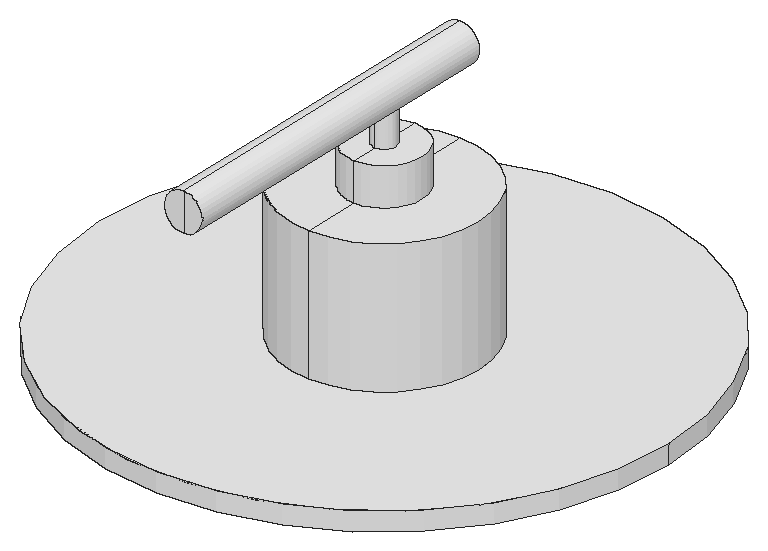
Revit family "Shower_System_Valve-Symmons-Dia-Shower-Trim", category Plumbing Fixtures, host Face, Revit 2015
Parameters (values of type "Trim, Chrome")
  z VC Visibility = if(z Error, 1 = 0, if(z Has Volume Control, 1 = 1, 1 = 0))  # no
  z VC Type = if(z Has Volume Control, 1, 0)  # 0
  z Type Wide Lever = if(z Has Wide Lever Handle, 1, 0)  # 0
  z Type Trim = 1
  z Type Service Stop = if(z Has Integral Service Stops, 1, 0)  # 0
  z Type Reverse Core = if(z Has Reverse Core, 1, 0)  # 0
  z Type Model = if(and(z Has Volume Control, z Has Symmons Temptrol Mixing Valve Only), 8, if(and(z Has Volume Control, z Has Trim Only), 6, if(and(z Has Volume Control, z Has Rebuild Kit Trim Only), 7, if(z Has Symmons Temptrol Mixing Valve Only, 4, if(z Has Volume Control, 5, if(z Has Trim Only, 2, if(z Has Rebuild Kit Trim Only, 3, 1)))))))  # 2
  z Type Kit = 0
  z Type IPS Connection = if(z Has .5 Inch Female IPS Connections, 1, 0)  # 0
  z Type Finish = 1
  z Type Check Stops = if(z Has Check Stops, 1, 0)  # 0
  z Type All = (z Type Model * 1000000) + (z Type IPS Connection * 100000) + (z Type Service Stop * 10000) + (z Type Check Stops * 1000) + (z Type Reverse Core * 100) + (z Type Wide Lever * 10) + (z Type Finish * 1)  # 2000001
  z Trim Visibility = if(z Error, 1 = 0, if(z Has Symmons Temptrol Mixing Valve Only, 1 = 0, 1 = 1))  # yes
  z Pipe Radius [instance] = 0.250"  # constant formula
  z Overall Width [instance] = 7.500"  # constant formula
  z Overall Height [instance] = 7.500"  # constant formula
  z Overall Depth [instance] = 6.875"  # constant formula
  z Option Selection = if(and(z Error, z Error Type > 1, z Has Trim Only, z Has Symmons Temptrol Mixing Valve Only), "Error: Trim Only Not Available With Symmons Temptrol Mixing Valve Only", if(and(z Error, z Error Type > 1, z Has Rebuild Kit Trim Only, z Has Symmons Temptrol Mixing Valve Only), "Error: Rebuild Kit Trim Only Not Available With Symmons Temptrol Mixing Valve Only", if(and(z Error, z Error Type > 1, z Has Trim Only, z Has Rebuild Kit Trim Only), "Error: Trim Only Not Available With Rebuild Kit Trim Only", if(and(z Error, z Has Wide Lever Handle, z Has Symmons Temptrol Mixing Valve Only), "Error: Wide Lever Handle Not Available With Symmons Temptrol Mixing Valve Only", if(and(z Has Wide Lever Handle, z Has Trim Only), "Wide Lever Handle, Trim Only", if(and(z Has Wide Lever Handle, z Has Rebuild Kit Trim Only), "Wide Lever Handle, Rebuild Kit Trim Only", if(z Has Wide Lever Handle, "Wide Lever Handle", if(z Has Trim Only, "Trim Only", if(z Has Rebuild Kit Trim Only, "Rebuild Kit Trim Only", "None Selected")))))))))  # "Trim Only"
  z Offset [instance] = 3.500"  # constant formula
  z Modification Selection = if(and(z Has Volume Control, z Has .5 Inch Female IPS Connections, z Has Integral Service Stops), "Error: .5 Inch Female IPS Connection Not Available With Integral Service Stops", if(and(z Has Reverse Core, not(z Has Integral Service Stops)), "Error: Must Have Integral Service Stops For Reverse Core", if(and(z Has Check Stops, not(z Has Integral Service Stops)), "Error: Must Have Integral Service Stops For Check Stops", if(and(z VC Type = 1, z Type Reverse Core = 0, z Type Service Stop = 0, z Type Check Stops = 0, z Type IPS Connection = 0), "Volume Control", if(and(z VC Type = 0, z Type Reverse Core = 0, z Type Service Stop = 0, z Type Check Stops = 0, z Type IPS Connection = 0), "None Selected", if(and(z VC Type = 1, z Type Reverse Core = 1, z Type Service Stop = 0, z Type Check Stops = 0, z Type IPS Connection = 0), "Volume Control,Reverse Core", if(and(z VC Type = 0, z Type Reverse Core = 1, z Type Service Stop = 0, z Type Check Stops = 0, z Type IPS Connection = 0), "Reverse Core", if(and(z VC Type = 1, z Type Reverse Core = 0, z Type Service Stop = 1, z Type Check Stops = 0, z Type IPS Connection = 0), "Volume Control,Integral Service Stops", if(and(z VC Type = 0, z Type Reverse Core = 0, z Type Service Stop = 1, z Type Check Stops = 0, z Type IPS Connection = 0), "Integral Service Stops", if(and(z VC Type = 1, z Type Reverse Core = 1, z Type Service Stop = 1, z Type Check Stops = 0, z Type IPS Connection = 0), "Volume Control,Reverse Core,Integral Service Stops", if(and(z VC Type = 0, z Type Reverse Core = 1, z Type Service Stop = 1, z Type Check Stops = 0, z Type IPS Connection = 0), "Reverse Core,Integral Service Stops", if(and(z VC Type = 1, z Type Reverse Core = 0, z Type Service Stop = 0, z Type Check Stops = 1, z Type IPS Connection = 0), "Volume ControlCheck Stops", if(and(z VC Type = 0, z Type Reverse Core = 0, z Type Service Stop = 0, z Type Check Stops = 1, z Type IPS Connection = 0), "Check Stops", if(and(z VC Type = 1, z Type Reverse Core = 1, z Type Service Stop = 0, z Type Check Stops = 1, z Type IPS Connection = 0), "Volume Control,Reverse Core,Check Stops", if(and(z VC Type = 0, z Type Reverse Core = 1, z Type Service Stop = 0, z Type Check Stops = 1, z Type IPS Connection = 0), "Reverse Core,Check Stops", if(and(z VC Type = 1, z Type Reverse Core = 0, z Type Service Stop = 1, z Type Check Stops = 1, z Type IPS Connection = 0), "Volume Control,Integral Service Stops,Check Stops", if(and(z VC Type = 0, z Type Reverse Core = 0, z Type Service Stop = 1, z Type Check Stops = 1, z Type IPS Connection = 0), "Integral Service Stops,Check Stops", if(and(z VC Type = 1, z Type Reverse Core = 1, z Type Service Stop = 1, z Type Check Stops = 1, z Type IPS Connection = 0), "Volume Control,Reverse Core,Integral Service Stops,Check Stops", if(and(z VC Type = 0, z Type Reverse Core = 1, z Type Service Stop = 1, z Type Check Stops = 1, z Type IPS Connection = 0), "Reverse Core,Integral Service Stops,Check Stops", if(and(z VC Type = 1, z Type Reverse Core = 0, z Type Service Stop = 0, z Type Check Stops = 0, z Type IPS Connection = 1), "Volume Control,.5 Inch IPS Connection", if(and(z VC Type = 0, z Type Reverse Core = 0, z Type Service Stop = 0, z Type Check Stops = 0, z Type IPS Connection = 1), ".5 Inch IPS Connection", if(and(z VC Type = 1, z Type Reverse Core = 1, z Type Service Stop = 0, z Type Check Stops = 0, z Type IPS Connection = 1), "Volume Control,Reverse Core,.5 Inch IPS Connection", if(and(z VC Type = 0, z Type Reverse Core = 1, z Type Service Stop = 0, z Type Check Stops = 0, z Type IPS Connection = 1), "Reverse Core,.5 Inch IPS Connection", if(and(z VC Type = 1, z Type Reverse Core = 0, z Type Service Stop = 1, z Type Check Stops = 0, z Type IPS Connection = 1), "Volume Control,Integral Service Stops,.5 Inch IPS Connection", if(and(z VC Type = 0, z Type Reverse Core = 0, z Type Service Stop = 1, z Type Check Stops = 0, z Type IPS Connection = 1), "Integral Service Stops,.5 Inch IPS Connection", if(and(z VC Type = 1, z Type Reverse Core = 1, z Type Service Stop = 1, z Type Check Stops = 0, z Type IPS Connection = 1), "Volume Control,Reverse Core,Integral Service Stops,.5 Inch IPS Connection", if(and(z VC Type = 0, z Type Reverse Core = 1, z Type Service Stop = 1, z Type Check Stops = 0, z Type IPS Connection = 1), "Reverse Core,Integral Service Stops,.5 Inch IPS Connection", if(and(z VC Type = 1, z Type Reverse Core = 0, z Type Service Stop = 0, z Type Check Stops = 1, z Type IPS Connection = 1), "Volume Control,Check Stops,.5 Inch IPS Connection", if(and(z VC Type = 0, z Type Reverse Core = 0, z Type Service Stop = 0, z Type Check Stops = 1, z Type IPS Connection = 1), "Check Stops,.5 Inch IPS Connection", if(and(z VC Type = 1, z Type Reverse Core = 1, z Type Service Stop = 0, z Type Check Stops = 1, z Type IPS Connection = 1), "Volume Control,Reverse Core,Check Stops,.5 Inch IPS Connection", if(and(z VC Type = 0, z Type Reverse Core = 1, z Type Service Stop = 0, z Type Check Stops = 1, z Type IPS Connection = 1), "Reverse Core,Check Stops,.5 Inch IPS Connection", if(and(z VC Type = 1, z Type Reverse Core = 0, z Type Service Stop = 1, z Type Check Stops = 1, z Type IPS Connection = 1), "Volume Control,Integral Service Stops,Check Stops,.5 Inch IPS Connection", if(and(z VC Type = 0, z Type Reverse Core = 0, z Type Service Stop = 1, z Type Check Stops = 1, z Type IPS Connection = 1), "Integral Service Stops,Check Stops,.5 Inch IPS Connection", if(and(z VC Type = 1, z Type Reverse Core = 1, z Type Service Stop = 1, z Type Check Stops = 1, z Type IPS Connection = 1), "Volume Control,Reverse Core,Integral Service Stops,Check Stops,.5 Inch IPS Connection", if(and(z VC Type = 0, z Type Reverse Core = 1, z Type Service Stop = 1, z Type Check Stops = 1, z Type IPS Connection = 1), "Reverse Core,Integral Service Stops,Check Stops,.5 Inch IPS Connection", if(and(z VC Type = 1, z Type Reverse Core = 0, z Type Service Stop = 0, z Type Check Stops = 0, z Type IPS Connection = 0), "Volume Control", if(and(z VC Type = 0, z Type Reverse Core = 0, z Type Service Stop = 0, z Type Check Stops = 0, z Type IPS Connection = 0), "None Selected", if(and(z VC Type = 1, z Type Reverse Core = 1, z Type Service Stop = 0, z Type Check Stops = 0, z Type IPS Connection = 0), "Volume Control,Reverse Core,", if(and(z VC Type = 0, z Type Reverse Core = 1, z Type Service Stop = 0, z Type Check Stops = 0, z Type IPS Connection = 0), "Reverse Core,", if(and(z VC Type = 1, z Type Reverse Core = 0, z Type Service Stop = 1, z Type Check Stops = 0, z Type IPS Connection = 0), "Volume Control,,Integral Service Stops,", if(and(z VC Type = 0, z Type Reverse Core = 0, z Type Service Stop = 1, z Type Check Stops = 0, z Type IPS Connection = 0), ",Integral Service Stops,", if(and(z VC Type = 1, z Type Reverse Core = 1, z Type Service Stop = 1, z Type Check Stops = 0, z Type IPS Connection = 0), "Volume Control,Reverse Core,Integral Service Stops,", if(and(z VC Type = 0, z Type Reverse Core = 1, z Type Service Stop = 1, z Type Check Stops = 0, z Type IPS Connection = 0), "None Selected,Reverse Core,Integral Service Stops,", if(and(z VC Type = 1, z Type Reverse Core = 0, z Type Service Stop = 0, z Type Check Stops = 1, z Type IPS Connection = 0), "Volume Control,,,Check Stops", if(and(z VC Type = 0, z Type Reverse Core = 0, z Type Service Stop = 0, z Type Check Stops = 1, z Type IPS Connection = 0), ",,Check Stops", if(and(z VC Type = 1, z Type Reverse Core = 1, z Type Service Stop = 0, z Type Check Stops = 1, z Type IPS Connection = 0), "Volume Control,Reverse Core,,Check Stops", if(and(z VC Type = 0, z Type Reverse Core = 1, z Type Service Stop = 0, z Type Check Stops = 1, z Type IPS Connection = 0), "Reverse Core,,Check Stops", if(and(z VC Type = 1, z Type Reverse Core = 0, z Type Service Stop = 1, z Type Check Stops = 1, z Type IPS Connection = 0), "Volume Control,Integral Service Stops,Check Stops", if(and(z VC Type = 0, z Type Reverse Core = 0, z Type Service Stop = 1, z Type Check Stops = 1, z Type IPS Connection = 0), "Integral Service Stops,Check Stops", if(and(z VC Type = 1, z Type Reverse Core = 1, z Type Service Stop = 1, z Type Check Stops = 1, z Type IPS Connection = 0), "Volume Control,Reverse Core,Integral Service Stops,Check Stops", if(and(z VC Type = 0, z Type Reverse Core = 1, z Type Service Stop = 1, z Type Check Stops = 1, z Type IPS Connection = 0), "Reverse Core,Integral Service Stops,Check Stops", if(and(z VC Type = 1, z Type Reverse Core = 0, z Type Service Stop = 0, z Type Check Stops = 0, z Type IPS Connection = 1), "Volume Control,.5 Inch IPS Connection", if(and(z VC Type = 0, z Type Reverse Core = 0, z Type Service Stop = 0, z Type Check Stops = 0, z Type IPS Connection = 1), ".5 Inch IPS Connection", "Not Available")))))))))))))))))))))))))))))))))))))))))))))))))))))  # "None Selected"
  z Mixer Valve Visibility = if(z Error, 1 = 0, if(or(z Has Rebuild Kit Trim Only, z Has Trim Only), 1 = 0, 1 = 1))  # no
  z Hot Cold Placement [instance] = 4.000"
  z Has Wide Lever Handle = 1 = 0  # no
  z Has Volume Control = 1 = 0  # no
  z Has Trim Only = if(z Type Trim = 1, 1 = 1, 1 = 0)  # yes
  z Has Symmons Temptrol Mixing Valve Only = 1 = 0  # no
  z Has Reverse Core = 1 = 0  # no
  z Has Rebuild Kit Trim Only = if(z Type Kit = 1, 1 = 1, 1 = 0)  # no
  z Has Integral Service Stops = 1 = 0  # no
  z Has Check Stops = 1 = 0  # no
  z Has .5 Inch Female IPS Connections = 1 = 0  # no
  z Error Type = if(z Has Symmons Temptrol Mixing Valve Only, 1, 0) + if(z Has Trim Only, 1, 0) + if(z Has Rebuild Kit Trim Only, 1, 0)  # 1
  z Error Box Width [instance] = if(z Error, 10.000", 0.100")  # 0.100"
  z Error Box Height [instance] = if(z Error, 10.000", 0.100")  # 0.100"
  z Error Box Depth [instance] = if(z Error, 10.000", 0.100")  # 0.100"
  z Error = if(and(z VC Type = 1, z Has .5 Inch Female IPS Connections, z Has Integral Service Stops), 1 = 1, if(and(z Has Reverse Core, not(z Has Integral Service Stops)), 1 = 1, if(and(z Has Check Stops, not(z Has Integral Service Stops)), 1 = 1, if(z Error Type > 1, 1 = 1, if(and(z Has Symmons Temptrol Mixing Valve Only, z Has Wide Lever Handle), 1 = 1, 1 = 0)))))  # no
  z  Reverse Core Placement [instance] = if(z Has Reverse Core, z Hot Cold Placement + 1.750", 1.750")  # 1.750"
  URL = "http://www.symmons.com/"
  Product data url = "https://bimobject.com/symmonsindustries/product/symmons-3500-cyl-b"
  Product Page URL = "http://www.symmons.com/Bathroom-Products/Dia/Symmons-Dia-Shower-Valve-3500-CYL-B.aspx"
  Product Material = Chrome - Symmons - Polished
  Product Documentation Link = "http://www.symmons.com/~/media/Files/Symmons/Products/Dia/3500CYL_Dia_sub.pdf"
  Part Number [instance] = if(and(z Error, z Error Type > 1), z Option Selection, if(z Error, z Modification Selection, if(z Type All = 1000001, "3500-CYL-B", if(z Type All = 1100001, "3500-CYL-B-IPS", if(z Type All = 1010001, "3500-CYL-B-X", if(z Type All = 1110001, "3500-CYL-B-X-IPS", if(z Type All = 1001001, "3500-CYL-B-CHKS", if(z Type All = 1101001, "3500-CYL-B-IPS-CHKS", if(z Type All = 1011001, "3500-CYL-B-X-CHKS", if(z Type All = 1111001, "3500-CYL-B-X-IPS-CHKS", if(z Type All = 1000101, "3500-CYL-B-REV", if(z Type All = 1100101, "3500-CYL-B-IPS-REV", if(z Type All = 1010101, "3500-CYL-B-X-REV", if(z Type All = 1110101, "3500-CYL-B-X-IPS-REV", if(z Type All = 1001101, "3500-CYL-B-CHKS-REV", if(z Type All = 1101101, "3500-CYL-B-IPS-CHKS-REV", if(z Type All = 1011101, "3500-CYL-B-X-CHKS-REV", if(z Type All = 1111101, "3500-CYL-B-X-IPS-CHKS-REV", if(z Type All = 1000011, "3500-CYL-B-LW", if(z Type All = 1100011, "3500-CYL-B-IPS-LW", if(z Type All = 1010011, "3500-CYL-B-X-LW", if(z Type All = 1110011, "3500-CYL-B-X-IPS-LW", if(z Type All = 1001011, "3500-CYL-B-CHKS-LW", if(z Type All = 1101011, "3500-CYL-B-IPS-CHKS-LW", if(z Type All = 1011011, "3500-CYL-B-X-CHKS-LW", if(z Type All = 1111011, "3500-CYL-B-X-IPS-CHKS-LW", if(z Type All = 1111111, "3500-CYL-B-X-IPS-CHKS-REV-LW", if(z Type All = 1000002, "3500-CYL-B-STN", if(z Type All = 1100002, "3500-CYL-B-IPS-STN", if(z Type All = 1010002, "3500-CYL-B-X-STN", if(z Type All = 1110002, "3500-CYL-B-X-IPS-STN", if(z Type All = 1001002, "3500-CYL-B-CHKS-STN", if(z Type All = 1101002, "3500-CYL-B-IPS-CHKS-STN", if(z Type All = 1011002, "3500-CYL-B-X-CHKS-STN", if(z Type All = 1111002, "3500-CYL-B-X-IPS-CHKS-STN", if(z Type All = 1000102, "3500-CYL-B-REV-STN", if(z Type All = 1100102, "3500-CYL-B-IPS-REV-STN", if(z Type All = 1010102, "3500-CYL-B-X-REV-STN", if(z Type All = 1110102, "3500-CYL-B-X-IPS-REV-STN", if(z Type All = 1001102, "3500-CYL-B-CHKS-REV-STN", if(z Type All = 1101102, "3500-CYL-B-IPS-CHKS-REV-STN", if(z Type All = 1011102, "3500-CYL-B-X-CHKS-REV-STN", if(z Type All = 1111102, "3500-CYL-B-X-IPS-CHKS-REV-STN", if(z Type All = 1000002, "3500-CYL-B-STN", if(z Type All = 1100002, "3500-CYL-B-IPS-STN", if(z Type All = 1010002, "3500-CYL-B-X-STN", if(z Type All = 1110002, "3500-CYL-B-X-IPS-STN", if(z Type All = 1001002, "3500-CYL-B-CHKS-STN", if(z Type All = 1101002, "3500-CYL-B-IPS-CHKS-STN", if(z Type All = 1011002, "3500-CYL-B-X-CHKS-STN", if(z Type All = 1111002, "3500-CYL-B-X-IPS-CHKS-STN", if(z Type All = 1111102, "3500-CYL-B-X-IPS-CHKS-REV-STN", if(z Type All = 2000001, "3500-CYL-B-TRM", if(z Type All = 2000002, "3500-CYL-B-STN-TRM", if(z Type All = 3000001, "3500-CYL-B-REB-TRM", if(z Type All = 3000001, "3500-CYL-B-REB-TRM", if(z Type All = 3000002, "3500-CYL-B-STN-REB-TRM", if(z Type All = 3000012, "3500-CYL-B-STN-REB-TRM", if(z Type All = 4000000, "4000-BODY", if(z Type All = 4100000, "4000-BODY-IPS", if(z Type All = 4010000, "4000-X-BODY", if(z Type All = 4110000, "4000-X-BODY-IPS", if(z Type All = 4001000, "4000-BODY-CHKS", if(z Type All = 4101000, "4000-BODY-IPS-CHKS", if(z Type All = 4011000, "4000-X-BODY-CHKS", if(z Type All = 4111000, "4000-X-BODY-IPS-CHKS", if(z Type All = 4000100, "4000-BODY-REV", if(z Type All = 4100100, "4000-BODY-IPS-REV", if(z Type All = 4010100, "4000-X-BODY-REV", if(z Type All = 4110100, "4000-X-BODY-IPS-REV", if(z Type All = 4001100, "4000-BODY-CHKS-REV", if(z Type All = 4101100, "4000-BODY-IPS-CHKS-REV", if(z Type All = 4011100, "4000-X-BODY-CHKS-REV", if(z Type All = 4111100, "4000-X-BODY-IPS-CHKS-REV", if(z Type All = 5000001, "S-3500-CYL-B", if(z Type All = 5100001, "S-3500-CYL-B-IPS", if(z Type All = 5010001, "S-3500-CYL-B-X", if(z Type All = 5110001, "S-3500-CYL-B-X-IPS", if(z Type All = 5001001, "S-3500-CYL-B-CHKS", if(z Type All = 5101001, "S-3500-CYL-B-IPS-CHKS", if(z Type All = 5011001, "S-3500-CYL-B-X-CHKS", if(z Type All = 5111001, "S-3500-CYL-B-X-IPS-CHKS", if(z Type All = 5000101, "S-3500-CYL-B-REV", if(z Type All = 5100101, "S-3500-CYL-B-IPS-REV", if(z Type All = 5010101, "S-3500-CYL-B-X-REV", if(z Type All = 5110101, "S-3500-CYL-B-X-IPS-REV", if(z Type All = 5001101, "S-3500-CYL-B-CHKS-REV", if(z Type All = 5101101, "S-3500-CYL-B-IPS-CHKS-REV", if(z Type All = 5011101, "S-3500-CYL-B-X-CHKS-REV", if(z Type All = 5111101, "S-3500-CYL-B-X-IPS-CHKS-REV", if(z Type All = 5000011, "S-3500-CYL-B-LW", if(z Type All = 5100011, "S-3500-CYL-B-IPS-LW", if(z Type All = 5010011, "S-3500-CYL-B-X-LW", if(z Type All = 5110011, "S-3500-CYL-B-X-IPS-LW", if(z Type All = 5001011, "S-3500-CYL-B-CHKS-LW", if(z Type All = 5101011, "S-3500-CYL-B-IPS-CHKS-LW", if(z Type All = 5011011, "S-3500-CYL-B-X-CHKS-LW", if(z Type All = 5111011, "S-3500-CYL-B-X-IPS-CHKS-LW", if(z Type All = 5111111, "S-3500-CYL-B-X-IPS-CHKS-REV-LW", if(z Type All = 5000002, "S-3500-CYL-B-STN", if(z Type All = 5100002, "S-3500-CYL-B-IPS-STN", if(z Type All = 5010002, "S-3500-CYL-B-X-STN", if(z Type All = 5110002, "S-3500-CYL-B-X-IPS-STN", if(z Type All = 5001002, "S-3500-CYL-B-CHKS-STN", if(z Type All = 5101002, "S-3500-CYL-B-IPS-CHKS-STN", if(z Type All = 5011002, "S-3500-CYL-B-X-CHKS-STN", if(z Type All = 5111002, "S-3500-CYL-B-X-IPS-CHKS-STN", if(z Type All = 5000102, "S-3500-CYL-B-REV-STN", if(z Type All = 5100102, "S-3500-CYL-B-IPS-REV-STN", if(z Type All = 5010102, "S-3500-CYL-B-X-REV-STN", if(z Type All = 5110102, "S-3500-CYL-B-X-IPS-REV-STN", if(z Type All = 5001102, "S-3500-CYL-B-CHKS-REV-STN", if(z Type All = 5101102, "S-3500-CYL-B-IPS-CHKS-REV-STN", if(z Type All = 5011102, "S-3500-CYL-B-X-CHKS-REV-STN", if(z Type All = 5111102, "S-3500-CYL-B-X-IPS-CHKS-REV-STN", if(z Type All = 5000002, "S-3500-CYL-B-STN", if(z Type All = 5100002, "S-3500-CYL-B-IPS-STN", if(z Type All = 5010002, "S-3500-CYL-B-X-STN", if(z Type All = 5110002, "S-3500-CYL-B-X-IPS-STN", if(z Type All = 5001002, "S-3500-CYL-B-CHKS-STN", if(z Type All = 5101002, "S-3500-CYL-B-IPS-CHKS-STN", if(z Type All = 5011002, "S-3500-CYL-B-X-CHKS-STN", if(z Type All = 5111002, "S-3500-CYL-B-X-IPS-CHKS-STN", if(z Type All = 5111102, "S-3500-CYL-B-X-IPS-CHKS-REV-STN", if(z Type All = 6000001, "S-3500-CYL-B-TRM", if(z Type All = 6000002, "S-3500-CYL-B-STN-TRM", if(z Type All = 7000001, "S-3500-CYL-B-REB-TRM", if(z Type All = 7000001, "S-3500-CYL-B-REB-TRM", if(z Type All = 7000002, "S-3500-CYL-B-STN-REB-TRM", if(z Type All = 7000012, "S-3500-CYL-B-STN-REB-TRM", if(z Type All = 8000000, "4001-BODY", if(z Type All = 8100000, "4001-BODY-IPS", if(z Type All = 8010000, "4001-X-BODY", if(z Type All = 8110000, "4001-X-BODY-IPS", if(z Type All = 8001000, "4001-BODY-CHKS", if(z Type All = 8101000, "4001-BODY-IPS-CHKS", if(z Type All = 8011000, "4001-X-BODY-CHKS", if(z Type All = 8111000, "4001-X-BODY-IPS-CHKS", if(z Type All = 8000100, "4001-BODY-REV", if(z Type All = 8100100, "4001-BODY-IPS-REV", if(z Type All = 8010100, "4001-X-BODY-REV", if(z Type All = 8110100, "4001-X-BODY-IPS-REV", if(z Type All = 8001100, "4001-BODY-CHKS-REV", if(z Type All = 8101100, "4001-BODY-IPS-CHKS-REV", if(z Type All = 8011100, "4001-X-BODY-CHKS-REV", if(z Type All = 8111100, "4001-X-BODY-IPS-CHKS-REV", "Not Available"))))))))))))))))))))))))))))))))))))))))))))))))))))))))))))))))))))))))))))))))))))))))))))))))))))))))))))))))))))))))))))))))))))))))))))))))))  # "3500-CYL-B-TRM"
  Part Description [instance] = if(and(z Error, z Error Type > 1), z Option Selection, if(z Error, z Modification Selection, if(z Type All = 1000001, "Shower Valve System with Symmons Temptrol mixing valve, Chrome", if(z Type All = 1100001, "Shower Valve System with Symmons Temptrol mixing valve,.5  inch female IPS connections, Chrome", if(z Type All = 1010001, "Shower Valve System with Symmons Temptrol mixing valve,Integral service stops, Chrome", if(z Type All = 1110001, "Shower Valve System with Symmons Temptrol mixing valve,Integral service stops,.5  inch female IPS connections, Chrome", if(z Type All = 1001001, "Shower Valve System with Symmons Temptrol mixing valve, Integral Check Stops, Chrome", if(z Type All = 1101001, "Shower Valve System with Symmons Temptrol mixing valve,.5  inch female IPS connections, Integral Check Stops, Chrome", if(z Type All = 1011001, "Shower Valve System with Symmons Temptrol mixing valve,Integral service stops, Integral Check Stops, Chrome", if(z Type All = 1111001, "Shower Valve System with Symmons Temptrol mixing valve,Integral service stops,.5  inch female IPS connections, Integral Check Stops, Chrome", if(z Type All = 1000101, "Shower Valve System with Symmons Temptrol mixing valve,w/ Reverse Core, Chrome", if(z Type All = 1100101, "Shower Valve System with Symmons Temptrol mixing valve,.5  inch female IPS connections,w/ Reverse Core, Chrome", if(z Type All = 1010101, "Shower Valve System with Symmons Temptrol mixing valve,Integral service stops,w/ Reverse Core, Chrome", if(z Type All = 1110101, "Shower Valve System with Symmons Temptrol mixing valve,Integral service stops,.5  inch female IPS connections,w/ Reverse Core, Chrome", if(z Type All = 1001101, "Shower Valve System with Symmons Temptrol mixing valve, Integral Check Stops,w/ Reverse Core, Chrome", if(z Type All = 1101101, "Shower Valve System with Symmons Temptrol mixing valve,.5  inch female IPS connections, Integral Check Stops,w/ Reverse Core, Chrome", if(z Type All = 1011101, "Shower Valve System with Symmons Temptrol mixing valve,Integral service stops, Integral Check Stops,w/ Reverse Core, Chrome", if(z Type All = 1111101, "Shower Valve System with Symmons Temptrol mixing valve,Integral service stops,.5  inch female IPS connections, Integral Check Stops,w/ Reverse Core, Chrome", if(z Type All = 1000011, "Shower Valve System with Symmons Temptrol mixing valve,Wide Lever Handle", if(z Type All = 1100011, "Shower Valve System with Symmons Temptrol mixing valve,.5  inch female IPS connections,Wide Lever Handle", if(z Type All = 1010011, "Shower Valve System with Symmons Temptrol mixing valve,Integral service stops,Wide Lever Handle", if(z Type All = 1110011, "Shower Valve System with Symmons Temptrol mixing valve,Integral service stops,.5  inch female IPS connections,Wide Lever Handle", if(z Type All = 1001011, "Shower Valve System with Symmons Temptrol mixing valve, Integral Check Stops,Wide Lever Handle", if(z Type All = 1101011, "Shower Valve System with Symmons Temptrol mixing valve,.5  inch female IPS connections, Integral Check Stops,Wide Lever Handle", if(z Type All = 1011011, "Shower Valve System with Symmons Temptrol mixing valve,Integral service stops, Integral Check Stops,Wide Lever Handle", if(z Type All = 1111011, "Shower Valve System with Symmons Temptrol mixing valve,Integral service stops,.5  inch female IPS connections, Integral Check Stops,Wide Lever Handle", if(z Type All = 1111111, "Shower Valve System with Symmons Temptrol mixing valve,Integral service stops,.5  inch female IPS connections, Integral Check Stops,w/ Reverse Core,Wide Lever Handle", if(z Type All = 1000002, "Shower Valve System with Symmons Temptrol mixing valve, Satin Nickel", if(z Type All = 1100002, "Shower Valve System with Symmons Temptrol mixing valve,.5  inch female IPS connections, Satin Nickel", if(z Type All = 1010002, "Shower Valve System with Symmons Temptrol mixing valve,Integral service stops, Satin Nickel", if(z Type All = 1110002, "Shower Valve System with Symmons Temptrol mixing valve,Integral service stops,.5  inch female IPS connections, Satin Nickel", if(z Type All = 1001002, "Shower Valve System with Symmons Temptrol mixing valve, Integral Check Stops, Satin Nickel", if(z Type All = 1101002, "Shower Valve System with Symmons Temptrol mixing valve,.5  inch female IPS connections, Integral Check Stops, Satin Nickel", if(z Type All = 1011002, "Shower Valve System with Symmons Temptrol mixing valve,Integral service stops, Integral Check Stops, Satin Nickel", if(z Type All = 1111002, "Shower Valve System with Symmons Temptrol mixing valve,Integral service stops,.5  inch female IPS connections, Integral Check Stops, Satin Nickel", if(z Type All = 1000102, "Shower Valve System with Symmons Temptrol mixing valve,w/ Reverse Core, Satin Nickel", if(z Type All = 1100102, "Shower Valve System with Symmons Temptrol mixing valve,.5  inch female IPS connections,w/ Reverse Core, Satin Nickel", if(z Type All = 1010102, "Shower Valve System with Symmons Temptrol mixing valve,Integral service stops,w/ Reverse Core, Satin Nickel", if(z Type All = 1110102, "Shower Valve System with Symmons Temptrol mixing valve,Integral service stops,.5  inch female IPS connections,w/ Reverse Core, Satin Nickel", if(z Type All = 1001102, "Shower Valve System with Symmons Temptrol mixing valve, Integral Check Stops,w/ Reverse Core, Satin Nickel", if(z Type All = 1101102, "Shower Valve System with Symmons Temptrol mixing valve,.5  inch female IPS connections, Integral Check Stops,w/ Reverse Core, Satin Nickel", if(z Type All = 1011102, "Shower Valve System with Symmons Temptrol mixing valve,Integral service stops, Integral Check Stops,w/ Reverse Core, Satin Nickel", if(z Type All = 1111102, "Shower Valve System with Symmons Temptrol mixing valve,Integral service stops,.5  inch female IPS connections, Integral Check Stops,w/ Reverse Core, Satin Nickel", if(z Type All = 1000002, "Shower Valve System with Symmons Temptrol mixing valve,Wide Lever Handle, Satin Nickel", if(z Type All = 1100002, "Shower Valve System with Symmons Temptrol mixing valve,.5  inch female IPS connections,Wide Lever Handle, Satin Nickel", if(z Type All = 1010002, "Shower Valve System with Symmons Temptrol mixing valve,Integral service stops,Wide Lever Handle, Satin Nickel", if(z Type All = 1110002, "Shower Valve System with Symmons Temptrol mixing valve,Integral service stops,.5  inch female IPS connections,Wide Lever Handle, Satin Nickel", if(z Type All = 1001002, "Shower Valve System with Symmons Temptrol mixing valve, Integral Check Stops,Wide Lever Handle, Satin Nickel", if(z Type All = 1101002, "Shower Valve System with Symmons Temptrol mixing valve,.5  inch female IPS connections, Integral Check Stops,Wide Lever Handle, Satin Nickel", if(z Type All = 1011002, "Shower Valve System with Symmons Temptrol mixing valve,Integral service stops, Integral Check Stops,Wide Lever Handle, Satin Nickel", if(z Type All = 1111002, "Shower Valve System with Symmons Temptrol mixing valve,Integral service stops,.5  inch female IPS connections, Integral Check Stops,Wide Lever Handle, Satin Nickel", if(z Type All = 1111102, "Shower Valve System with Symmons Temptrol mixing valve,Integral service stops,.5  inch female IPS connections, Integral Check Stops,w/ Reverse Core,Wide Lever Handle, Satin Nickel", if(z Type All = 2000001, "Trim only, mixing valve ordered separately, Chrome", if(z Type All = 2000002, "Trim only, mixing valve ordered separately, Satin Nickel", if(z Type All = 3000001, "Rebuild kit, Trim only, Chrome", if(z Type All = 3000001, "Rebuild kit, Trim onlyWide Lever Handle", if(z Type All = 3000002, "Rebuild kit, Trim only, Satin Nickel", if(z Type All = 3000012, "Rebuild kit, Trim only,Wide Lever Handle, Satin Nickel", if(z Type All = 4000000, "Symmons Temptrol Mixing Valve Only", if(z Type All = 4100000, "Symmons Temptrol Mixing Valve Only,.5  inch female IPS connections,", if(z Type All = 4010000, "Symmons Temptrol Mixing Valve Only,Integral service stops,", if(z Type All = 4110000, "Symmons Temptrol Mixing Valve Only,Integral service stops,.5  inch female IPS connections,", if(z Type All = 4001000, "Symmons Temptrol Mixing Valve Only, Integral Check Stops", if(z Type All = 4101000, "Symmons Temptrol Mixing Valve Only,.5  inch female IPS connections, Integral Check Stops", if(z Type All = 4011000, "Symmons Temptrol Mixing Valve Only,Integral service stops, Integral Check Stops", if(z Type All = 4111000, "Symmons Temptrol Mixing Valve Only,Integral service stops,.5  inch female IPS connections, Integral Check Stops", if(z Type All = 4000100, "Symmons Temptrol Mixing Valve Only,,w/ Reverse Core", if(z Type All = 4100100, "Symmons Temptrol Mixing Valve Only,.5  inch female IPS connections,,w/ Reverse Core", if(z Type All = 4010100, "Symmons Temptrol Mixing Valve Only,Integral service stops,,w/ Reverse Core", if(z Type All = 4110100, "Symmons Temptrol Mixing Valve Only,Integral service stops,.5  inch female IPS connections,,w/ Reverse Core", if(z Type All = 4001100, "Symmons Temptrol Mixing Valve Only, Integral Check Stops,w/ Reverse Core", if(z Type All = 4101100, "Symmons Temptrol Mixing Valve Only,.5  inch female IPS connections, Integral Check Stops,w/ Reverse Core", if(z Type All = 4011100, "Symmons Temptrol Mixing Valve Only,Integral service stops, Integral Check Stops,w/ Reverse Core", if(z Type All = 4111100, "Symmons Temptrol Mixing Valve Only,Integral service stops,.5  inch female IPS connections, Integral Check Stops,w/ Reverse Core", if(z Type All = 5000001, "Shower Valve System with Symmons Temptrol mixing valve, Chrome", if(z Type All = 5100001, "Shower Valve System with Symmons Temptrol mixing valve,.5  inch female IPS connections, Chrome", if(z Type All = 5010001, "Shower Valve System with Symmons Temptrol mixing valve,Integral service stops, Chrome", if(z Type All = 5110001, "Shower Valve System with Symmons Temptrol mixing valve,Integral service stops,.5  inch female IPS connections, Chrome", if(z Type All = 5001001, "Shower Valve System with Symmons Temptrol mixing valve, Integral Check Stops, Chrome", if(z Type All = 5101001, "Shower Valve System with Symmons Temptrol mixing valve,.5  inch female IPS connections, Integral Check Stops, Chrome", if(z Type All = 5011001, "Shower Valve System with Symmons Temptrol mixing valve,Integral service stops, Integral Check Stops, Chrome", if(z Type All = 5111001, "Shower Valve System with Symmons Temptrol mixing valve,Integral service stops,.5  inch female IPS connections, Integral Check Stops, Chrome", if(z Type All = 5000101, "Shower Valve System with Symmons Temptrol mixing valve,w/ Reverse Core, Chrome", if(z Type All = 5100101, "Shower Valve System with Symmons Temptrol mixing valve,.5  inch female IPS connections,w/ Reverse Core, Chrome", if(z Type All = 5010101, "Shower Valve System with Symmons Temptrol mixing valve,Integral service stops,w/ Reverse Core, Chrome", if(z Type All = 5110101, "Shower Valve System with Symmons Temptrol mixing valve,Integral service stops,.5  inch female IPS connections,w/ Reverse Core, Chrome", if(z Type All = 5001101, "Shower Valve System with Symmons Temptrol mixing valve, Integral Check Stops,w/ Reverse Core, Chrome", if(z Type All = 5101101, "Shower Valve System with Symmons Temptrol mixing valve,.5  inch female IPS connections, Integral Check Stops,w/ Reverse Core, Chrome", if(z Type All = 5011101, "Shower Valve System with Symmons Temptrol mixing valve,Integral service stops, Integral Check Stops,w/ Reverse Core, Chrome", if(z Type All = 5111101, "Shower Valve System with Symmons Temptrol mixing valve,Integral service stops,.5  inch female IPS connections, Integral Check Stops,w/ Reverse Core, Chrome", if(z Type All = 5000011, "Shower Valve System with Symmons Temptrol mixing valve,Wide Lever Handle", if(z Type All = 5100011, "Shower Valve System with Symmons Temptrol mixing valve,.5  inch female IPS connections,Wide Lever Handle", if(z Type All = 5010011, "Shower Valve System with Symmons Temptrol mixing valve,Integral service stops,Wide Lever Handle", if(z Type All = 5110011, "Shower Valve System with Symmons Temptrol mixing valve,Integral service stops,.5  inch female IPS connections,Wide Lever Handle", if(z Type All = 5001011, "Shower Valve System with Symmons Temptrol mixing valve, Integral Check Stops,,Wide Lever Handle", if(z Type All = 5101011, "Shower Valve System with Symmons Temptrol mixing valve,.5  inch female IPS connections, Integral Check Stops,,Wide Lever Handle", if(z Type All = 5011011, "Shower Valve System with Symmons Temptrol mixing valve,Integral service stops, Integral Check Stops,,Wide Lever Handle", if(z Type All = 5111011, "Shower Valve System with Symmons Temptrol mixing valve,Integral service stops,.5  inch female IPS connections, Integral Check Stops,,Wide Lever Handle", if(z Type All = 5111111, "Shower Valve System with Symmons Temptrol mixing valve,Integral service stops,.5  inch female IPS connections, Integral Check Stops,w/ Reverse Core,Wide Lever Handle", if(z Type All = 5000002, "Shower Valve System with Symmons Temptrol mixing valve, Satin Nickel", if(z Type All = 5100002, "Shower Valve System with Symmons Temptrol mixing valve,.5  inch female IPS connections, Satin Nickel", if(z Type All = 5010002, "Shower Valve System with Symmons Temptrol mixing valve,Integral service stops, Satin Nickel", if(z Type All = 5110002, "Shower Valve System with Symmons Temptrol mixing valve,Integral service stops,.5  inch female IPS connections, Satin Nickel", if(z Type All = 5001002, "Shower Valve System with Symmons Temptrol mixing valve, Integral Check Stops, Satin Nickel", if(z Type All = 5101002, "Shower Valve System with Symmons Temptrol mixing valve,.5  inch female IPS connections, Integral Check Stops, Satin Nickel", if(z Type All = 5011002, "Shower Valve System with Symmons Temptrol mixing valve,Integral service stops, Integral Check Stops, Satin Nickel", if(z Type All = 5111002, "Shower Valve System with Symmons Temptrol mixing valve,Integral service stops,.5  inch female IPS connections, Integral Check Stops, Satin Nickel", if(z Type All = 5000102, "Shower Valve System with Symmons Temptrol mixing valve,w/ Reverse Core, Satin Nickel", if(z Type All = 5100102, "Shower Valve System with Symmons Temptrol mixing valve,.5  inch female IPS connections,w/ Reverse Core, Satin Nickel", if(z Type All = 5010102, "Shower Valve System with Symmons Temptrol mixing valve,Integral service stops,w/ Reverse Core, Satin Nickel", if(z Type All = 5110102, "Shower Valve System with Symmons Temptrol mixing valve,Integral service stops,.5  inch female IPS connections,w/ Reverse Core, Satin Nickel", if(z Type All = 5001102, "Shower Valve System with Symmons Temptrol mixing valve, Integral Check Stops,w/ Reverse Core, Satin Nickel", if(z Type All = 5101102, "Shower Valve System with Symmons Temptrol mixing valve,.5  inch female IPS connections, Integral Check Stops,w/ Reverse Core, Satin Nickel", if(z Type All = 5011102, "Shower Valve System with Symmons Temptrol mixing valve,Integral service stops, Integral Check Stops,w/ Reverse Core, Satin Nickel", if(z Type All = 5111102, "Shower Valve System with Symmons Temptrol mixing valve,Integral service stops,.5  inch female IPS connections, Integral Check Stops,w/ Reverse Core, Satin Nickel", if(z Type All = 5000002, "Shower Valve System with Symmons Temptrol mixing valve,Wide Lever Handle, Satin Nickel", if(z Type All = 5100002, "Shower Valve System with Symmons Temptrol mixing valve,.5  inch female IPS connections,Wide Lever Handle, Satin Nickel", if(z Type All = 5010002, "Shower Valve System with Symmons Temptrol mixing valve,Integral service stops,Wide Lever Handle, Satin Nickel", if(z Type All = 5110002, "Shower Valve System with Symmons Temptrol mixing valve,Integral service stops,.5  inch female IPS connections,Wide Lever Handle, Satin Nickel", if(z Type All = 5001002, "Shower Valve System with Symmons Temptrol mixing valve, Integral Check Stops,Wide Lever Handle, Satin Nickel", if(z Type All = 5101002, "Shower Valve System with Symmons Temptrol mixing valve,.5  inch female IPS connections, Integral Check Stops,Wide Lever Handle, Satin Nickel", if(z Type All = 5011002, "Shower Valve System with Symmons Temptrol mixing valve,Integral service stops, Integral Check Stops,Wide Lever Handle, Satin Nickel", if(z Type All = 5111002, "Shower Valve System with Symmons Temptrol mixing valve,Integral service stops,.5  inch female IPS connections, Integral Check Stops,Wide Lever Handle, Satin Nickel", if(z Type All = 5111102, "Shower Valve System with Symmons Temptrol mixing valve,Integral service stops,.5  inch female IPS connections, Integral Check Stops,w/ Reverse Core,Wide Lever Handle, Satin Nickel", if(z Type All = 6000001, "Trim only, mixing valve ordered separately, Chrome", if(z Type All = 6000002, "Trim only, mixing valve ordered separately, Satin Nickel", if(z Type All = 7000001, "Rebuild kit, Trim only, Chrome", if(z Type All = 7000001, "Rebuild kit, Trim only,Wide Lever Handle", if(z Type All = 7000002, "Rebuild kit, Trim only, Satin Nickel", if(z Type All = 7000012, "Rebuild kit, Trim only,Wide Lever Handle, Satin Nickel", if(z Type All = 8000000, "Symmons Temptrol Mixing Valve Only", if(z Type All = 8100000, "Symmons Temptrol Mixing Valve Only,.5  inch female IPS connections", if(z Type All = 8010000, "Symmons Temptrol Mixing Valve Only,Integral service stops", if(z Type All = 8110000, "Symmons Temptrol Mixing Valve Only,Integral service stops,.5  inch female IPS connections", if(z Type All = 8001000, "Symmons Temptrol Mixing Valve Only, Integral Check Stops", if(z Type All = 8101000, "Symmons Temptrol Mixing Valve Only,.5  inch female IPS connections, Integral Check Stops", if(z Type All = 8011000, "Symmons Temptrol Mixing Valve Only,Integral service stops, Integral Check Stops", if(z Type All = 8111000, "Symmons Temptrol Mixing Valve Only,Integral service stops,.5  inch female IPS connections, Integral Check Stops", if(z Type All = 8000100, "Symmons Temptrol Mixing Valve Only,w/ Reverse Core", if(z Type All = 8100100, "Symmons Temptrol Mixing Valve Only,.5  inch female IPS connections,w/ Reverse Core", if(z Type All = 8010100, "Symmons Temptrol Mixing Valve Only,Integral service stops,w/ Reverse Core", if(z Type All = 8110100, "Symmons Temptrol Mixing Valve Only,Integral service stops,.5  inch female IPS connections,w/ Reverse Core", if(z Type All = 8001100, "Symmons Temptrol Mixing Valve Only, Integral Check Stops,w/ Reverse Core", if(z Type All = 8101100, "Symmons Temptrol Mixing Valve Only,.5  inch female IPS connections, Integral Check Stops,w/ Reverse Core", if(z Type All = 8011100, "Symmons Temptrol Mixing Valve Only,Integral service stops, Integral Check Stops,w/ Reverse Core", if(z Type All = 8111100, "Symmons Temptrol Mixing Valve Only,Integral service stops,.5  inch female IPS connections, Integral Check Stops,w/ Reverse Core", "Not Available"))))))))))))))))))))))))))))))))))))))))))))))))))))))))))))))))))))))))))))))))))))))))))))))))))))))))))))))))))))))))))))))))))))))))))))))))))  # "Trim only, mixing valve ordered separately, Chrome"
  Model Disclaimer = "Contact Symmons Industries, Inc. For More Information"  # constant formula
  Model = "See Part Number"  # constant formula
  Manufacturer = "Symmons Industries, Inc."  # constant formula
  Family Version = "1.0"  # constant formula
  Equipment Number [instance] = ""
  Equipment Abbreviation = "SVS"
  Description = "See Part Description"  # constant formula
  Default Elevation = 32.000"  # constant formula
  Date Modified = "January 30, 2015"  # constant formula
  Date Created = "January 30, 2015"  # constant formula
  Copyright = "©2015 Symmons Industries, Inc."  # constant formula
Types (4): name | z Type Trim | z Type Model | z Type Kit | z Type Finish | z Type All | z Option Selection | z Has Trim Only | z Has Rebuild Kit Trim Only | Product Material | Part Number | Part Description
  Trim, Chrome | 1 | 2 | 0 | 1 | 2000001 | "Trim Only" | yes | no | Chrome - Symmons - Polished | "3500-CYL-B-TRM" | "Trim only, mixing valve ordered separately, Chrome"
  Trim, Satin Nickel | 1 | 2 | 0 | 2 | 2000002 | "Trim Only" | yes | no | Nickel - Symmons - Satin | "3500-CYL-B-STN-TRM" | "Trim only, mixing valve ordered separately, Satin Nickel"
  Rebuild Kit, Satin Nickel | 0 | 3 | 1 | 2 | 3000002 | "Rebuild Kit Trim Only" | no | yes | Nickel - Symmons - Satin | "3500-CYL-B-STN-REB-TRM" | "Rebuild kit, Trim only, Satin Nickel"
  Rebuild Kit, Chrome | 0 | 3 | 1 | 1 | 3000001 | "Rebuild Kit Trim Only" | no | yes | Chrome - Symmons - Polished | "3500-CYL-B-REB-TRM" | "Rebuild kit, Trim only, Chrome"
Reference planes (in)
  plane 1 "Center (Front/Back)": y = 0
  plane 2 "Center (Elevation)": z = 0
  plane 3 "Center (Left/Right)": x = 0
  plane 4: x = -3.75
  plane 5: y = 3.75
  plane 6: y = -3.75
  plane 7: x = 3.75
  plane 8: z = -3.5
  plane 9: z = 3.375
  plane 10: z = 0
  plane 11: z = 0.25
  plane 12: x = 0.28006
  plane 13: x = -0.28006
  plane 14: z = -2.375
  plane 15: y = -5.75
  plane 16: x = -0.05
  plane 17: y = 0.05
  plane 18: x = 0.05
  plane 19: y = -0.05
  plane 20: z = 0.1
  plane 21: z = 2.875
  plane 22: z = 2.5
  plane 23: z = 2
  plane 24: z = -1.30783
  plane 25: z = -0.80783
  plane 26: z = -0.56163
  plane 27: z = -0.25
  plane 28: z = 3.125
Forms (in)
  Extrusion 1, solid, material "Chrome - Symmons - Polished" <- "Product Material", visible <- "z Trim Visibility"
    sketch origin (0, 0, 0) x (1, 0, 0) y (0, 1, 0)
      loop
        circle (0, 0) r 3.75
    from 0 to 0.25
  Revolve 2, solid, material "Chrome - Symmons - Polished" <- "Product Material", visible <- "z Trim Visibility"
    sketch origin (0, 0, 0) x (0, 1, 0) y (0, 0, 1)
      loop
        line (-1.25, 0.25) -> (0, 0.25) -> (0, 2.5) -> (-0.5, 2.5) -> (-0.5, 2) -> (-1.25, 2) -> (-1.25, 0.25)
      axis (0, 2.5) -> (0, 0.25)
    angle from 0 to 360
  Extrusion 3, solid, material "Error Box", visible <- "z Error"
    sketch origin (0, 0, 0) x (1, 0, 0) y (0, 1, 0)
      loop
        line (-0.05, 0.05) -> (-0.05, -0.05) -> (0.05, -0.05) -> (0.05, 0.05) -> (-0.05, 0.05)
    from 0 to 0.1
  Revolve 4, solid, material "Chrome - Symmons - Polished" <- "Product Material", visible <- "z Trim Visibility"
    sketch origin (0, 0, 0) x (0, 1, 0) y (0, 0, 1)
      loop
        line (0, 2.5) -> (0, 3.09917) -> (-0.15, 3.09917) -> (-0.15, 2.5) -> (0, 2.5)
      axis (0, 2.5) -> (0, 3.09917)
    angle from 0 to 360
  Revolve 5, solid, material "Chrome - Symmons - Polished" <- "Product Material", visible <- "z Trim Visibility"
    sketch origin (0, 0, 0) x (0, 1, 0) y (0, 0, 1)
      loop
        line (1.25, 3.125) -> (1.25, 3.375) -> (-3.30959, 3.375) -> (-3.30959, 3.125) -> (1.25, 3.125)
      axis (-3.30959, 3.125) -> (1.25, 3.125)
    angle from 0 to 360
Cuts and joins
  joined: Extrusion 1, Revolve 2, Revolve 4, Revolve 5
Lines and regions (in)
  Masking region 1
    outline origin (0, 0, 0) x (1, 0, 0) y (0, 0, 1)
      loop
        line (0, 3.375) -> (-0.28006, 3.375) -> (-0.28006, 2.5) -> (-0.5, 2.5) -> (-0.5, 2) -> (-1.25, 2) -> (-1.25, 0.25) -> (-3.75, 0.25) -> (-3.75, 0) -> (3.75, 0) -> (3.75, 0.25) -> (1.25, 0.25) -> (1.25, 2) -> (0.5, 2) -> (0.5, 2.5) -> (0.28006, 2.5) -> (0.28006, 3.375) -> (0, 3.375)
  symbolic lines, detail levels fine
    curve 1: line (-0.28006, 0, 2.875) -> (0.28006, 0, 2.875)
    curve 2: line (-0.28006, 0, 2.5) -> (0.28089, 0, 2.5)
    curve 3: line (-0.5, 0, 2) -> (0.5, 0, 2)
    curve 4: line (-1.25, 0, 0.25) -> (1.25, 0, 0.25)
Dimensions and locks (in)
  equal spacing: plane 4, plane 3 "Center (Left/Right)", plane 7
  "z Overall Width": plane 4 to plane 7
  equal spacing: plane 5, plane 1 "Center (Front/Back)", plane 6
  "z Overall Height": plane 5 to plane 6
  "z Overall Depth": plane 9 to plane 8
  "z Offset": plane 2 "Center (Elevation)" to plane 8
  locked: plane 9 to plane 10 at 3.375
  locked: plane 11 to plane 10 at 0.25
  equal spacing: plane 13, plane 3 "Center (Left/Right)", plane 12
  locked: plane 13 to plane 12 at 0.56011
  locked: plane 10 to plane 14 at 2.375
  Revolve 2 sketch curve to Revolve 2 sketch curve to plane 1 "Center (Front/Back)" = 0.750" locked, 0.500" locked
  plane 11 to Revolve 2 sketch curve to Revolve 2 sketch curve = 1.750" locked, 0.500" locked
  locked: plane 6 to plane 15 at 2
  equal spacing: plane 17, plane 1 "Center (Front/Back)", plane 19
  "z Error Box Height": plane 17 to plane 19
  equal spacing: plane 16, plane 3 "Center (Left/Right)", plane 18
  "z Error Box Width": plane 16 to plane 18
  "z Error Box Depth": plane 20 to plane 10
  Masking region 1 sketch curve to Masking region 1 sketch curve to Masking region 1 sketch curve to Masking region 1 sketch curve to plane 3 "Center (Left/Right)" to plane 12 to Masking region 1 sketch curve to Masking region 1 sketch curve to Masking region 1 sketch curve = 2.500" locked, 0.750" locked, 0.21994" locked, 0.28006" locked, 0.28006" locked, 0.21994" locked, 0.750" locked, 2.500" locked
  Masking region 1 sketch curve to Masking region 1 sketch curve to Masking region 1 sketch curve to Masking region 1 sketch curve to plane 11 = 0.000" locked, 0.500" locked, 0.000" locked, 1.750" locked
  plane 9 to plane 21 to plane 22 to plane 23 = 0.500" locked, 0.375" locked, 0.500" locked
  plane 27 to plane 26 to plane 25 to plane 24 to plane 14 = 0.31163" locked, 0.2462" locked, 0.500" locked, 1.06717" locked
  locked: Revolve 4 sketch curve to plane 1 "Center (Front/Back)" at 0.15
  equal spacing: plane 9, plane 28, plane 21
  Revolve 5 sketch curve to plane 1 "Center (Front/Back)" to Revolve 5 sketch curve = 3.30959" locked, 1.250" locked
  locked: Revolve 4 sketch curve to plane 22 at 0.59917
  aligned and locked: plane 2 "Center (Elevation)" to host face
  aligned and locked: level to host face
  aligned and locked: Extrusion 1 to plane 10
  aligned and locked: plane 11 to Extrusion 1
  aligned and locked: plane 1 "Center (Front/Back)" to Revolve 2 sketch curve  (x2)
  aligned and locked: plane 11 to Revolve 2 sketch curve
  aligned and locked: Extrusion 3 sketch curve to plane 17
  aligned and locked: plane 16 to Extrusion 3 sketch curve
  aligned and locked: plane 19 to Extrusion 3 sketch curve
  aligned and locked: Extrusion 3 sketch curve to plane 18
  aligned and locked: Extrusion 3 to plane 10
  aligned and locked: plane 20 to Extrusion 3
  aligned and locked: Masking region 1 sketch curve to plane 10
  aligned and locked: Masking region 1 sketch curve to plane 11
  aligned and locked: Masking region 1 sketch curve to plane 9
  aligned and locked: plane 1 "Center (Front/Back)" to Extrusion 1 sketch curve
  aligned and locked: plane 3 "Center (Left/Right)" to Extrusion 1 sketch curve
  aligned and locked: Revolve 4 sketch curve to plane 22
  aligned and locked: Revolve 4 sketch curve to plane 1 "Center (Front/Back)"
  aligned and locked: plane 9 to Revolve 5 sketch curve
  aligned and locked: Revolve 5 sketch curve to plane 28
Automatic sketch dimensions
  host sketch curve to host sketch curve = 4.000"  (x2)
  Revolve 2 sketch curve to plane 8 = 5.875"
  plane 9 to Revolve 2 sketch curve = 6.750"
  Masking region 1 sketch curve to plane 3 "Center (Left/Right)" = 0.000"
  Masking region 1 sketch curve to plane 12 = 0.000"
  curve 4 to plane 11 = 0.000"
  curve 3 to plane 23 = 0.000"
  curve 2 to plane 13 = 0.000"
  curve 1 to plane 13 = 0.000"
  curve 1 to plane 12 = 0.000"
  curve 2 to plane 22 = 0.000"
  curve 1 to plane 21 = 0.000"
  curve 3 to plane 13 = 0.21994"
  plane 12 to curve 2 = 0.00084"
  plane 12 to curve 3 = 0.21994"
  Masking region 1 sketch curve to plane 11 = 0.000"
  Revolve 5 sketch curve to plane 28 = 0.000"
  Revolve 5 sketch curve to plane 6 = 0.59006"
  plane 5 to Revolve 5 sketch curve = 0.45239"
  Revolve 4 sketch curve to plane 1 "Center (Front/Back)" = 0.000"
  Revolve 4 sketch curve to plane 8 = 20.500"
  plane 9 to Revolve 4 sketch curve = 88.90086"
  curve 4 to plane 13 = 0.96994"
  plane 12 to curve 4 = 0.96994"
  radius of Extrusion 1 sketch curve = 3.750"
